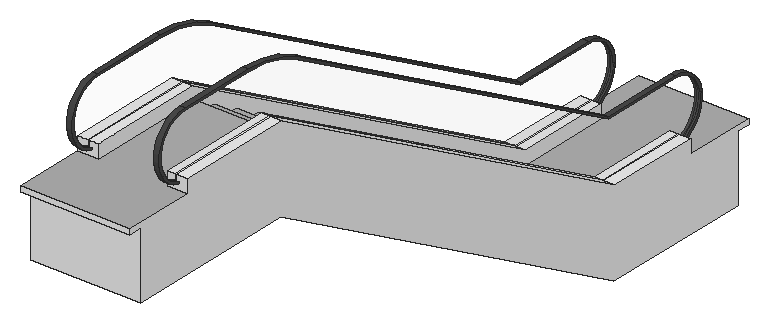
Revit family "Kone ECO3000 Escalator", category Generic Models, Revit 2015
Parameters (values of type "Kone ECO3000 Escalator")
  Truss material [instance] = none
  Step material [instance] = Escalator Steps
  n [instance] = Run / (230 mm / tan(30.00°))  # 15
  Length [instance] = Run + 4797 mm  # 10859.178 mm
  Handrail panel material [instance] = Glass
  Handrail material [instance] = Plastic Opaque Black
  Rise [instance] = 3500 mm
  Finished Width = 1600 mm
  Clear width = Finished Width - (2 mm * 296)  # 1008 mm
  Run [instance] = Rise / tan(30.00°)  # 6062.178 mm
Reference planes
  plane 1 "Face of upper support": y = 0
  plane 2: z = 0
  plane 3 "Center (Left/Right)": x = 0
  plane 4 "Top": z = 3500
  plane 5 "Face of lower support": y = 10859.178
  plane 6 "Landing edge lower": y = 8665.178
  plane 7 "Landing edge upper": y = 2603
  plane 8 "Left": x = -800
  plane 9 "Right": x = 800
  plane 10 "CL Rail left": x = -635
  plane 11 "CL Rail right": x = 635
  plane 12: y = 513
  plane 13: z = 100
  plane 14: y = 10346.178
  plane 15: y = 513
  plane 16: y = 10346.178
  plane 17: y = 513
  plane 18: through (0, 8665.178, 0) normal (0, 0.5, 0.866)
Forms (mm)
  Extrusion 1, solid, material <- "Truss material"
    sketch origin (-800, 0, 0) x (0, -1, 0) y (0, 0, 1)
      loop
        line (-11059.178, 0) -> (-11059.178, -75) -> (-10859.178, -75) -> (-10859.178, -1046) -> (-8606.903, -1046) -> (-2544.725, 2454) -> (0, 2454) -> (0, 3425) -> (200, 3425) -> (200, 3500) -> (-2603, 3500) -> (-8665.178, 0) -> (-11059.178, 0)
    from 0 to -1600
  Extrusion 2, solid, material <- "Truss material"
    sketch origin (-800, 0, 0) x (0, -1, 0) y (0, 0, 1)
      loop
        line (-851, 3500) -> (-851, 3700) -> (-2566.59, 3700) -> (-8628.768, 200) -> (-10008.178, 200) -> (-10008.178, 0) -> (-8665.178, 0) -> (-2603, 3500) -> (-851, 3500)
    from 0 to -296
  Extrusion 3, solid, material "Glass" <- "Handrail panel material"
    sketch origin (-635, 0, 0) x (0, -1, 0) y (0, 0, 1)
      loop
        line (-3034.243, 4252.147) -> (-8667.127, 1000) -> (-9896.178, 1000)
        arc (-9896.178, 1000) -> (-10342.624, 606.446) -> (-10008.178, 114.161) r 450
        line (-10008.178, 114.161) -> (-10008.178, 200) -> (-8628.768, 200) -> (-2566.59, 3700) -> (-851, 3700) -> (-851, 3614.161)
        arc (-851, 3614.161) -> (-516.554, 4106.446) -> (-963, 4500) r 450
        line (-963, 4500) -> (-2109.243, 4500)
        arc (-2109.243, 4500) -> (-2588.058, 4436.963) -> (-3034.243, 4252.147) r 1850
    from 10 to -10
  Sweep 4, solid, material "Plastic Opaque Black" <- "Handrail material"
    path in 3D
      loop
        arc (-645, 851, 3614.161) -> (-645, 516.554, 4106.446) -> (-645, 963, 4500) r 450
        line (-645, 963, 4500) -> (-645, 2109.243, 4500)
        arc (-645, 2109.243, 4500) -> (-645, 2588.058, 4436.963) -> (-645, 3034.243, 4252.147) r 1850
        line (-645, 3034.243, 4252.147) -> (-645, 8667.127, 1000) -> (-645, 9896.178, 1000)
        arc (-645, 9896.178, 1000) -> (-645, 10342.624, 606.446) -> (-645, 10008.178, 114.161) r 450
    profile origin (-645, 1536.122, 4500) x (-1, 0, 0) y (0, 0, 1)
      loop
        line (30, 0) -> (30, 30) -> (-50, 30) -> (-50, 0) -> (30, 0)
  Extrusion 5, solid, material <- "Truss material"
    sketch origin (800, 0, 0) x (0, -1, 0) y (0, 0, 1)
      loop
        line (-851, 3500) -> (-851, 3700) -> (-2566.59, 3700) -> (-8628.768, 200) -> (-10008.178, 200) -> (-10008.178, 0) -> (-8665.178, 0) -> (-2603, 3500) -> (-851, 3500)
    from 0 to 296
  Extrusion 6, solid, material "Glass" <- "Handrail panel material"
    sketch origin (635, 0, 0) x (0, -1, 0) y (0, 0, 1)
      loop
        arc (-9896.178, 1000) -> (-10342.624, 606.446) -> (-10008.178, 114.161) r 450
        line (-10008.178, 114.161) -> (-10008.178, 200) -> (-8628.768, 200) -> (-2566.59, 3700) -> (-851, 3700) -> (-851, 3614.161)
        arc (-851, 3614.161) -> (-516.554, 4106.446) -> (-963, 4500) r 450
        line (-963, 4500) -> (-2109.243, 4500)
        arc (-2109.243, 4500) -> (-2588.058, 4436.963) -> (-3034.243, 4252.147) r 1850
        line (-3034.243, 4252.147) -> (-8667.127, 1000) -> (-9896.178, 1000)
    from 10 to -10
  Sweep 7, solid, material "Plastic Opaque Black" <- "Handrail material"
    path in 3D
      loop
        arc (645, 10008.178, 114.161) -> (645, 10342.624, 606.446) -> (645, 9896.178, 1000) r 450
        line (645, 9896.178, 1000) -> (645, 8667.127, 1000) -> (645, 3034.243, 4252.147)
        arc (645, 3034.243, 4252.147) -> (645, 2588.058, 4436.963) -> (645, 2109.243, 4500) r 1850
        line (645, 2109.243, 4500) -> (645, 963, 4500)
        arc (645, 963, 4500) -> (645, 516.554, 4106.446) -> (645, 851, 3614.161) r 450
    profile origin (645, 1536.122, 4500) x (1, 0, 0) y (0, 0, 1)
      loop
        line (30, 0) -> (30, 30) -> (-50, 30) -> (-50, 0) -> (30, 0)
  Extrusion 8, void
    sketch origin (0, 0, 0) x (0, 1, 0) y (0, 0, 1)
      loop
        line (2603, 3500) -> (2603, 3255.418) -> (8241.55, 0) -> (8665.178, 0) -> (2603, 3500)
    from 504 to -504
Cuts and joins
  Extrusion 8 cuts Extrusion 1
  Extrusion 8 cuts Extrusion 2
  Extrusion 8 cuts Extrusion 5
  joined: Extrusion 1, Extrusion 2, Extrusion 5
  Extrusion 8 cuts Extrusion 3
  Extrusion 8 cuts Sweep 4
  Extrusion 8 cuts Extrusion 6
  Extrusion 8 cuts Sweep 7
Lines and regions (mm)
  sketch lines
    curve 1: line (-645, 963, 4500) -> (-645, 2109.243, 4500)
    curve 2: arc (-645, 963, 4500) -> (-645, 516.554, 4106.446) -> (-645, 851, 3614.161) r 450
    curve 3: arc (-645, 3034.243, 4252.147) -> (-645, 2588.058, 4436.963) -> (-645, 2109.243, 4500) r 1850
    curve 4: line (-645, 3034.243, 4252.147) -> (-645, 8667.127, 1000)
    curve 5: line (-645, 8667.127, 1000) -> (-645, 9896.178, 1000)
    curve 6: line (645, 2109.243, 4500) -> (645, 963, 4500)
    curve 7: arc (645, 851, 3614.161) -> (645, 516.554, 4106.446) -> (645, 963, 4500) r 450
    curve 8: arc (645, 2109.243, 4500) -> (645, 2588.058, 4436.963) -> (645, 3034.243, 4252.147) r 1850
    curve 9: line (645, 8667.127, 1000) -> (645, 3034.243, 4252.147)
    curve 10: line (645, 9896.178, 1000) -> (645, 8667.127, 1000)
    curve 11: arc (645, 9896.178, 1000) -> (645, 10342.624, 606.446) -> (645, 10008.178, 114.161) r 450
    curve 12: arc (-645, 10008.178, 114.161) -> (-645, 10342.624, 606.446) -> (-645, 9896.178, 1000) r 450
Dimensions and locks
  "Rise": plane 4 "Top" to level
  "Length": plane 5 "Face of lower support" to plane 1 "Face of upper support"
  "Run": plane 6 "Landing edge lower" to plane 7 "Landing edge upper"
  locked: plane 7 "Landing edge upper" to plane 1 "Face of upper support" at 2603
  plane 5 "Face of lower support" to plane 6 "Landing edge lower" = 2194 mm
  equal spacing: plane 8 "Left", plane 3 "Center (Left/Right)", plane 9 "Right"
  "Finished Width": plane 8 "Left" to plane 9 "Right"
  locked: plane 1 "Face of upper support" to Extrusion 1 sketch curve at 200
  locked: Extrusion 1 sketch curve to plane 5 "Face of lower support" at 200
  locked: plane 7 "Landing edge upper" to plane 12 at 2090
  locked: plane 14 to plane 6 "Landing edge lower" at 1681
  equal spacing: Sweep 4 sketch curve, plane 10 "CL Rail left", Sweep 4 sketch curve
  locked: plane 10 "CL Rail left" to Sweep 4 sketch curve at 40
  locked: Sweep 4 sketch curve to profile plane at 30
  locked: plane 8 "Left" to plane 10 "CL Rail left" at 165
  locked: plane 11 "CL Rail right" to plane 9 "Right" at 165
  locked: plane 7 "Landing edge upper" to plane 15 at 2090
  plane 8 "Left" to plane 10 "CL Rail left" = 165 mm
  locked: plane 16 to plane 6 "Landing edge lower" at 1681
  locked: plane 7 "Landing edge upper" to plane 17 at 2090
  Extrusion 6 sketch curve to plane 4 "Top" = 1000 mm
  Extrusion 3 sketch curve to level = 1000 mm
  Extrusion 3 sketch curve to plane 4 "Top" = 1000 mm
  profile plane to Sweep 7 sketch curve = 30 mm
  Sweep 7 sketch curve to plane 11 "CL Rail right" = 40 mm  (x2)
  "Clear width": cut or joined group of Extrusion 1, Extrusion 2, Extrusion 5, Extrusion 8 to cut or joined group of Extrusion 1, Extrusion 2, Extrusion 5, Extrusion 8
  equal spacing: group 1, group 2, group 3, group 4, group 5, group 6, group 7, group 8, group 9, group 10, group 11, group 12, group 13, group 14, group 15  (x2)
  equal spacing: group 15, group 14, group 13, group 12, group 11, group 10, group 9, group 8, group 7, group 6, group 5, group 4, group 3, group 2, group 1
  locked: plane 8 "Left" to cut or joined group of Extrusion 1, Extrusion 2, Extrusion 5, Extrusion 8 at 296
  locked: cut or joined group of Extrusion 1, Extrusion 2, Extrusion 5, Extrusion 8 to plane 9 "Right" at 296
  aligned and locked: Extrusion 1 to plane 9 "Right"
  aligned and locked: Extrusion 1 to Extrusion 2 sketch curve
  aligned and locked: Extrusion 2 sketch curve to Extrusion 1  (x2)
  aligned and locked: profile plane to Sweep 4 sketch curve
  aligned and locked: cut or joined group of Extrusion 1, Extrusion 2, Extrusion 5, Extrusion 8 to Extrusion 6 sketch curve  (x2)
  aligned and locked: Extrusion 6 sketch curve to cut or joined group of Extrusion 1, Extrusion 2, Extrusion 5, Extrusion 8  (x3)
  aligned and locked: Extrusion 3 sketch curve to cut or joined group of Extrusion 1, Extrusion 2, Extrusion 5, Extrusion 8  (x4)
  aligned and locked: cut or joined group of Extrusion 1, Extrusion 2, Extrusion 5, Extrusion 8 to Extrusion 3 sketch curve
  aligned and locked: Extrusion 8 sketch curve to cut or joined group of Extrusion 1, Extrusion 2, Extrusion 5, Extrusion 8
  aligned and locked: plane 7 "Landing edge upper" to Extrusion 8 sketch curve
  aligned and locked: Extrusion 8 to Extrusion 2
  aligned and locked: Extrusion 8 to cut or joined group of Extrusion 1, Extrusion 2, Extrusion 5, Extrusion 8
  aligned and locked: Extrusion 8 sketch curve to level
Automatic sketch dimensions
  Extrusion 1 sketch curve to plane 6 "Landing edge lower" = 0 mm
  Extrusion 1 sketch curve to plane 4 "Top" = 0 mm
  Extrusion 1 sketch curve to plane 7 "Landing edge upper" = 0 mm
  Extrusion 1 sketch curve to plane 1 "Face of upper support" = 0 mm
  plane 6 "Landing edge lower" to Extrusion 1 sketch curve = 58.275 mm
  plane 7 "Landing edge upper" to Extrusion 1 sketch curve = 58.275 mm
  Extrusion 1 sketch curve to Extrusion 1 sketch curve = 971 mm  (x2)
  Extrusion 1 sketch curve to plane 4 "Top" = 75 mm
  Extrusion 1 sketch curve to level = 75 mm
  Extrusion 1 sketch curve to level = 0 mm
  Extrusion 1 sketch curve to plane 5 "Face of lower support" = 0 mm
  Extrusion 2 sketch curve to plane 5 "Face of lower support" = 851 mm
  plane 6 "Landing edge lower" to Extrusion 2 sketch curve = 36.41 mm
  plane 7 "Landing edge upper" to Extrusion 2 sketch curve = 36.41 mm
  Extrusion 2 sketch curve to plane 1 "Face of upper support" = 851 mm
  Extrusion 2 sketch curve to Extrusion 2 sketch curve = 200 mm
  plane 4 "Top" to Extrusion 2 sketch curve = 200 mm
  Extrusion 5 sketch curve to level = 0 mm
  Extrusion 5 sketch curve to plane 6 "Landing edge lower" = 0 mm
  Extrusion 5 sketch curve to plane 4 "Top" = 0 mm
  Extrusion 5 sketch curve to plane 7 "Landing edge upper" = 0 mm
  Extrusion 5 sketch curve to plane 5 "Face of lower support" = 851 mm
  plane 6 "Landing edge lower" to Extrusion 5 sketch curve = 36.41 mm
  plane 7 "Landing edge upper" to Extrusion 5 sketch curve = 36.41 mm
  Extrusion 5 sketch curve to plane 1 "Face of upper support" = 851 mm
  level to Extrusion 5 sketch curve = 200 mm
  plane 4 "Top" to Extrusion 5 sketch curve = 200 mm
  Extrusion 3 sketch curve to plane 6 "Landing edge lower" = 1.949 mm
  Extrusion 3 sketch curve to plane 7 "Landing edge upper" = 431.243 mm
  plane 7 "Landing edge upper" to Extrusion 3 sketch curve = 493.757 mm
  Extrusion 3 sketch curve to plane 4 "Top" = 850 mm
  Extrusion 6 sketch curve to plane 6 "Landing edge lower" = 1.949 mm
  Extrusion 6 sketch curve to plane 7 "Landing edge upper" = 431.243 mm
  plane 4 "Top" to Extrusion 6 sketch curve = 752.147 mm
  Extrusion 6 sketch curve to Extrusion 6 sketch curve = 450 mm
  plane 7 "Landing edge upper" to Extrusion 6 sketch curve = 493.757 mm
  plane 4 "Top" to Extrusion 6 sketch curve = 114.161 mm
  Extrusion 6 sketch curve to Extrusion 6 sketch curve = 112 mm
  level to Extrusion 6 sketch curve = 114.161 mm
  plane 16 to Extrusion 6 sketch curve = 450 mm
  plane 4 "Top" to Extrusion 3 sketch curve = 114.161 mm
  level to Extrusion 3 sketch curve = 114.161 mm
  Extrusion 3 sketch curve to Extrusion 3 sketch curve = 112 mm
  Extrusion 3 sketch curve to Extrusion 3 sketch curve = 350 mm
  Sweep 7 sketch curve to profile plane = 0 mm
  Extrusion 8 sketch curve to plane 4 "Top" = 244.582 mm
  Extrusion 8 sketch curve to plane 18 = 211.814 mm
Nested families
  nested 1: "Step" at (0, 8526.614, -150) x (-1, 0, 0) z (0, 0, 1), type "Step"
    with Tread width 1008 mm
  nested 2: "Step" at (0, 8128.242, 80) x (-1, 0, 0) z (0, 0, 1), type "Step"
    with Tread width 1008 mm
  nested 3: "Step" at (0, 7729.87, 310) x (-1, 0, 0) z (0, 0, 1), type "Step"
    with Tread width 1008 mm
  nested 4: "Step" at (0, 7331.499, 540) x (-1, 0, 0) z (0, 0, 1), type "Step"
    with Tread width 1008 mm
  nested 5: "Step" at (0, 6933.127, 770) x (-1, 0, 0) z (0, 0, 1), type "Step"
    with Tread width 1008 mm
  nested 6: "Step" at (0, 6534.755, 1000) x (-1, 0, 0) z (0, 0, 1), type "Step"
    with Tread width 1008 mm
  nested 7: "Step" at (0, 6136.384, 1230) x (-1, 0, 0) z (0, 0, 1), type "Step"
    with Tread width 1008 mm
  nested 8: "Step" at (0, 5738.012, 1460) x (-1, 0, 0) z (0, 0, 1), type "Step"
    with Tread width 1008 mm
  nested 9: "Step" at (0, 5339.64, 1690) x (-1, 0, 0) z (0, 0, 1), type "Step"
    with Tread width 1008 mm
  nested 10: "Step" at (0, 4941.269, 1920) x (-1, 0, 0) z (0, 0, 1), type "Step"
    with Tread width 1008 mm
  nested 11: "Step" at (0, 4542.897, 2150) x (-1, 0, 0) z (0, 0, 1), type "Step"
    with Tread width 1008 mm
  nested 12: "Step" at (0, 4144.525, 2380) x (-1, 0, 0) z (0, 0, 1), type "Step"
    with Tread width 1008 mm
  nested 13: "Step" at (0, 3746.154, 2610) x (-1, 0, 0) z (0, 0, 1), type "Step"
    with Tread width 1008 mm
  nested 14: "Step" at (0, 3347.782, 2840) x (-1, 0, 0) z (0, 0, 1), type "Step"
    with Tread width 1008 mm
  nested 15: "Step" at (0, 2949.41, 3070) x (-1, 0, 0) z (0, 0, 1), type "Step"
    with Tread width 1008 mm
Definition of nested family "Step"
  Parameters
    Tread width = 1408 mm
    Step material = none
    Run = Rise / tan(30.00°)  # 398.372 mm
    Rise = 230 mm
  Reference planes
    plane 1 "Center (Front/Back)": y = 0
    plane 2: z = 0
    plane 3 "Center (Left/Right)": x = 0
  Forms (mm)
    Extrusion 1, solid, material <- "Step material"
      sketch origin (0, 517.176, 0) x (0, 1, 0) y (0, 0, 1)
        loop
          arc (-40.918, 0) -> (-70.589, 114.232) -> (-93.548, 230) r 2022.772
          line (-93.548, 230) -> (-517.176, 230)
          arc (-517.176, 230) -> (-507.839, 114.639) -> (-491.92, 0) r 2022.772
          line (-491.92, 0) -> (-40.918, 0)
      from -704 to 704
  Dimensions and locks
    "Tread width": Extrusion 1 to Extrusion 1
    equal spacing: Extrusion 1, plane 3 "Center (Left/Right)", Extrusion 1
  Automatic sketch dimensions
    Extrusion 1 sketch curve to level = 0 mm
    plane 1 "Center (Front/Back)" to Extrusion 1 sketch curve = 0 mm
    Extrusion 1 sketch curve to Extrusion 1 sketch curve = 25.256 mm
    Extrusion 1 sketch curve to plane 1 "Center (Front/Back)" = 423.628 mm
    Extrusion 1 sketch curve to plane 1 "Center (Front/Back)" = 476.258 mm
    level to Extrusion 1 sketch curve = 335.432 mm
    Extrusion 1 sketch curve to Extrusion 1 sketch curve = 1543.765 mm
    Extrusion 1 sketch curve to Extrusion 1 sketch curve = 398.372 mm
